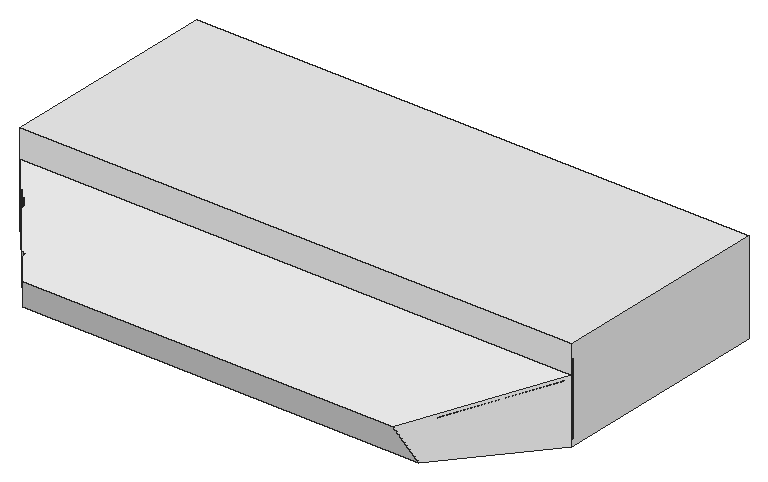
Revit family "QF_Summit_HSHELL30WH_Shell Hood", category Specialty Equipment, Revit 2020
Family settings
  Round Connector Dimension = Use Diameter
  Part Type = Normal
  Work Plane-Based = No
  Always vertical = Yes
  Cut with Voids When Loaded = No
  Shared = No
  Room Calculation Point = No
Parameters
  Weight in Pounds = 10
  URL Cutsheet = ""
  Specification by User = ""
  Specification by Manufacturer = ""
  Serial Number = ""
  Seismic Rating = ""
  SMACNA No = ""
  Revision Code = ""
  NAFEM Spec ID Number = ""
  Model = "HSHELL30WH"
  Masterspec = ""
  Manufacturer = "Summit"
  Length = 30"
  Item Number = ""
  Installed By = ""
  Identify Quantity as Lot = yes
  Height = 5"
  Furnished By = ""
  Foodservice Equipment Identifier = yes
  Description = "30\" Shell Hood"
  Depth = 18"
  Default Elevation = 0"
  CSI MasterFormat = ""
Reference planes (in)
  plane 1 "BACK": y = 0
  plane 2: z = 0
  plane 3 "LEFT": x = 0
  plane 4 "RIGHT": x = 30
  plane 5 "FRONT": y = -18
  plane 6 "TOP": z = 5
  plane 7 "Center Y": x = 15
  plane 8 "Center X": y = -9
  plane 9: z = 3.5
  plane 10: y = -12
  plane 11: z = 1.875
  plane 12: x = 4.9375
  plane 13: x = 25.0625
Forms (in)
  Extrusion 1, solid, material "QF_Metallic_Paint_White_Smooth"
    sketch origin (0, 0, 0) x (1, 0, 0) y (0, 1, 0)
      loop
        line (0, 0) -> (0, -12) -> (30, -12) -> (30, 0) -> (0, 0)
    from 0 to 5
  Extrusion 2, solid, material "QF_Metallic_Paint_White_Smooth"
    sketch origin (20, 0, 0) x (0, 1, 0) y (0, 0, 1)
      loop
        line (-18, 1.875) -> (-17.12567, 0) -> (-12, 0) -> (-12, 3.5) -> (-18, 1.875)
    from -20 to 10
  Extrusion 3, void
    sketch origin (0, 0, 0) x (1, 0, 0) y (0, 1, 0)
      loop
        line (0, -12) -> (-0.1875, -12) -> (-0.1875, -18.25) -> (4.9375, -18.25) -> (4.9375, -18) -> (0, -12)
      loop
        line (30, -12) -> (25.0625, -18) -> (25.0625, -18.25) -> (30.1875, -18.25) -> (30.1875, -12) -> (30, -12)
    from 0 to 3.5
  Blend 4, void
    base sketch origin (0, -2, 0) x (0, -1, 0) y (0, 0, -1)
      loop
        line (9.75, -4.75) -> (9.75, -0.25) -> (-1.75, -0.25) -> (-1.75, -4.75) -> (9.75, -4.75)
    top sketch origin (0, -2, 0) x (0, -1, 0) y (0, 0, -1)
      loop
        line (9.625, -4.625) -> (9.625, -0.375) -> (-1.625, -0.375) -> (-1.625, -4.625) -> (9.625, -4.625)
    from 0 to 0.08017
  Blend 5, void
    base sketch origin (0, -12, 0) x (-0.635425, 0.772162, 0) y (0, 0, 1)
      loop
        line (-7.37414, 1.70246) -> (-6.497, 0.25) -> (-0.25, 0.25) -> (-0.25, 3.19231) -> (-7.37414, 1.70246)
    top sketch origin (0, -12, 0) x (-0.635425, 0.772162, 0) y (0, 0, 1)
      loop
        line (-7.28514, 1.65857) -> (-6.47224, 0.3125) -> (-0.3125, 0.3125) -> (-0.3125, 3.11674) -> (-7.28514, 1.65857)
    from 0 to 0.08636
  Blend 6, void
    base sketch origin (29.875, -2, 0) x (0, -1, 0) y (0, 0, 1)
      loop
        line (9.75, 4.75) -> (-1.75, 4.75) -> (-1.75, 0.25) -> (9.75, 0.25) -> (9.75, 4.75)
    top sketch origin (29.875, -2, 0) x (0, -1, 0) y (0, 0, 1)
      loop
        line (9.625, 4.625) -> (-1.625, 4.625) -> (-1.625, 0.375) -> (9.625, 0.375) -> (9.625, 4.625)
    from 0 to 0.08017
  Blend 7, void
    base sketch origin (29.875, -12, 0) x (0.635425, 0.772162, 0) y (0, 0, -1)
      loop
        line (-7.37414, -1.70246) -> (-0.25, -3.19231) -> (-0.25, -0.25) -> (-6.497, -0.25) -> (-7.37414, -1.70246)
    top sketch origin (29.875, -12, 0) x (0.635425, 0.772162, 0) y (0, 0, -1)
      loop
        line (-7.28514, -1.65857) -> (-0.3125, -3.11674) -> (-0.3125, -0.3125) -> (-6.47224, -0.3125) -> (-7.28514, -1.65857)
    from 0 to 0.08636
Cuts and joins
  Extrusion 3, Blend 5, Blend 7 cuts Extrusion 2
  Blend 4, Blend 5, Blend 6 cuts Extrusion 1
Lines and regions (in)
  symbolic lines
    curve 1: line (0, 0, 0) -> (0, -12, 0)
    curve 2: line (0, -12, 0) -> (30, -12, 0)
    curve 3: line (30, -12, 0) -> (30, 0, 0)
    curve 4: line (30, 0, 0) -> (0, 0, 0)
    curve 5: line (0, -12, 0) -> (4.9375, -18, 0)
    curve 6: line (4.9375, -18, 0) -> (25.0625, -18, 0)
    curve 7: line (25.0625, -18, 0) -> (30, -12, 0)
Dimensions and locks (in)
  equal spacing: plane 3 "LEFT", plane 7 "Center Y", plane 4 "RIGHT"
  "Length": plane 3 "LEFT" to plane 4 "RIGHT"
  equal spacing: plane 5 "FRONT", plane 8 "Center X", plane 1 "BACK"
  "Depth": plane 5 "FRONT" to plane 1 "BACK"
  "Height": plane 6 "TOP" to level
  plane 9 to level = 3 1/2"
  plane 10 to plane 1 "BACK" = 12"
  plane 5 "FRONT" to plane 1 "BACK" = 18"
  locked: plane 4 "RIGHT" to plane 13 at 4.9375
  plane 4 "RIGHT" to plane 3 "LEFT" = 30"
  aligned and locked: level to plane 2
  aligned and locked: plane 6 "TOP" to Extrusion 1
  aligned and locked: Extrusion 2 to plane 3 "LEFT"
  aligned and locked: plane 9 to Extrusion 3
  aligned and locked: cut or joined group of Extrusion 2, Extrusion 3, Blend 5, Blend 7 to plane 4 "RIGHT"
Automatic sketch dimensions
  plane 1 "BACK" to curve 1 = 0"
  curve 1 to plane 3 "LEFT" = 0"
  plane 5 "FRONT" to curve 6 = 0"
  curve 6 to plane 12 = 0"
  curve 6 to plane 13 = 0"
  curve 3 to plane 4 "RIGHT" = 0"
  plane 10 to curve 2 = 0"
  Extrusion 1 sketch curve to plane 3 "LEFT" = 0"
  Extrusion 1 sketch curve to plane 4 "RIGHT" = 0"
  plane 10 to Extrusion 1 sketch curve = 0"
  plane 1 "BACK" to Extrusion 1 sketch curve = 0"
  Extrusion 2 sketch curve to plane 5 "FRONT" = 0"
  Extrusion 2 sketch curve to level = 0"
  Extrusion 2 sketch curve to plane 10 = 0"
  plane 11 to Extrusion 2 sketch curve = 0"
  Extrusion 2 sketch curve to plane 9 = 0"
  Extrusion 2 sketch curve to plane 5 "FRONT" = 0.87433"
  plane 10 to Extrusion 3 sketch curve = 0"  (x2)
  Extrusion 3 sketch curve to plane 3 "LEFT" = 0"
  Extrusion 3 sketch curve to plane 12 = 0"
  Extrusion 3 sketch curve to plane 13 = 0"
  Extrusion 3 sketch curve to plane 4 "RIGHT" = 0"
  plane 5 "FRONT" to Extrusion 3 sketch curve = 0"  (x2)
  Extrusion 3 sketch curve to plane 3 "LEFT" = 3/16"
  Extrusion 3 sketch curve to Extrusion 3 sketch curve = 3/16"
  plane 5 "FRONT" to Extrusion 3 sketch curve = 1/4"  (x2)
  Blend 4 sketch curve to Extrusion 1 = 1/4"  (x3)
  Extrusion 1 to Blend 4 sketch curve = 1/4"
  Blend 4 sketch curve to Extrusion 1 = 3/8"  (x3)
  Extrusion 1 to Blend 4 sketch curve = 3/8"
  Extrusion 3 to Blend 5 sketch curve = 0.39625"
  Blend 5 sketch curve to Extrusion 3 = 1/4"
  Extrusion 3 to Blend 5 sketch curve = 1.27339"
  Extrusion 3 to Blend 5 sketch curve = 1/4"
  Blend 5 sketch curve to Blend 5 sketch curve = 1.45246"
  Blend 5 sketch curve to Extrusion 3 = 0.30769"
  Extrusion 3 to Blend 5 sketch curve = 0.48525"
  Blend 5 sketch curve to Extrusion 3 = 5/16"
  Extrusion 3 to Blend 5 sketch curve = 1.29814"
  Extrusion 3 to Blend 5 sketch curve = 5/16"
  Blend 5 sketch curve to Blend 5 sketch curve = 1.34607"
  Blend 5 sketch curve to Extrusion 3 = 0.38326"
  plane 1 "BACK" to Blend 6 sketch curve = 1/4"
  Blend 6 sketch curve to plane 10 = 1/4"
  level to Blend 6 sketch curve = 1/4"
  Blend 6 sketch curve to plane 6 "TOP" = 1/4"
  plane 1 "BACK" to Blend 6 sketch curve = 3/8"
  Blend 6 sketch curve to plane 10 = 3/8"
  level to Blend 6 sketch curve = 3/8"
  Blend 6 sketch curve to plane 6 "TOP" = 3/8"
  plane 11 to Blend 7 sketch curve = 0.17254"
  level to Blend 7 sketch curve = 1/4"
  Blend 7 sketch curve to Blend 7 sketch curve = 0.87714"
  Blend 7 sketch curve to Blend 7 sketch curve = 6.247"
  Blend 7 sketch curve to plane 9 = 0.30769"
  plane 11 to Blend 7 sketch curve = 0.21643"
  level to Blend 7 sketch curve = 5/16"
  Blend 7 sketch curve to Blend 7 sketch curve = 0.81289"
  Blend 7 sketch curve to Blend 7 sketch curve = 6.15974"
  Blend 7 sketch curve to plane 9 = 0.38326"
